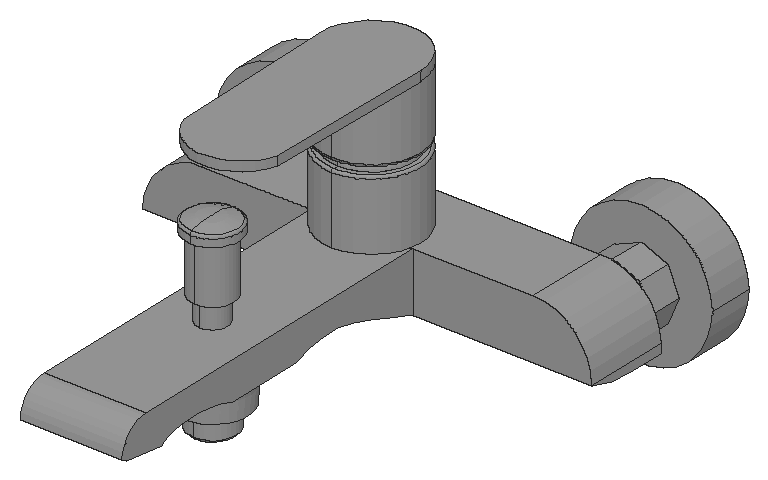
Revit family "TINA URBAN ANTIQUE BRONZE", category Plumbing Fixtures, Revit 2019
Family settings
  Round Connector Dimension = Use Diameter
  Part Type = Normal
  OmniClass Number = 23.45.00.00
  OmniClass Title = Sanitary, Laundry, and Cleaning Equipment
  Work Plane-Based = No
  Always vertical = Yes
  Cut with Voids When Loaded = No
  Shared = No
  Room Calculation Point = No
Reference planes
  plane 1 "Center (Front/Back)": y = 0
  plane 2: z = 0
  plane 3 "Center (Left/Right)": x = 0
Forms (mm)
  Extrusion 1, solid
    sketch origin (0, 0, 0) x (1, 0, 0) y (0, 0, 1)
      loop
        circle (0, 0) r 30
      loop
        circle (150, 0) r 30
    from 0 to 19
  Extrusion 2, solid
    sketch origin (0, 0, 0) x (1, 0, 0) y (0, 0, 1)
      loop
        line (11.314, 11.314) -> (0, 16) -> (-11.314, 11.314) -> (-16, 0) -> (-11.314, -11.314) -> (0, -16) -> (11.314, -11.314) -> (16, 0) -> (11.314, 11.314)
      loop
        line (150, 16) -> (138.686, 11.314) -> (134, 0) -> (138.686, -11.314) -> (150, -16) -> (161.314, -11.314) -> (166, 0) -> (161.314, 11.314) -> (150, 16)
    from 19 to 34
  Extrusion 3, solid
    sketch origin (0, 0, 0) x (1, 0, 0) y (0, 0, 1)
      loop
        line (-20, -9) -> (-20, -13) -> (170, -13) -> (170, -9)
        arc (170, -9) -> (162.678, 8.678) -> (145, 16) r 25
        line (145, 16) -> (5, 16)
        arc (5, 16) -> (-12.678, 8.678) -> (-20, -9) r 25
    from 34 to 70
  Extrusion 4, solid
    sketch origin (0, 0, 0) x (0, 1, 0) y (0, 0, 1)
      loop
        line (-70, 16) -> (-210.81, 16)
        arc (-210.81, 16) -> (-219.744, 12.514) -> (-223.955, 3.898) r 13.19
        line (-223.955, 3.898) -> (-221.709, 2.601) -> (-202.989, 0)
        spline (-202.989, 0) -> (-202.132, 0.631) -> (-200.745, 1.322) -> (-198.863, 2.022) -> (-196.522, 2.678) -> (-193.756, 3.237) -> (-190.603, 3.646) -> (-187.096, 3.853) -> (-183.271, 3.804) -> (-179.165, 3.447) -> (-174.812, 2.729) -> (-170.248, 1.598) -> (-165.508, 0)
        line (-165.508, 0) -> (-132, 0)
        spline (-132, 0) -> (-127.79, 1.632) -> (-123.564, 2.837) -> (-119.286, 3.595) -> (-114.922, 3.887) -> (-110.436, 3.693) -> (-105.793, 2.996) -> (-100.925, 1.82) -> (-95.743, 0.23) -> (-90.152, -1.712) -> (-84.059, -3.941) -> (-77.373, -6.391) -> (-70, -9)
        line (-70, -9) -> (-70, 16)
    from 51.264 to 94.301
  Revolve 5, solid
    sketch origin (72.511, 0, 0) x (0, 1, 0) y (0, 0, 1)
      loop
        line (-148.754, 0) -> (-165.508, 0)
        arc (-165.508, 0) -> (-164.194, -7.449) -> (-163.754, -15) r 65.01
        line (-163.754, -15) -> (-158.754, -15) -> (-158.754, -24) -> (-157.754, -25) -> (-148.754, -25) -> (-148.754, 0)
      axis (-148.754, -25) -> (-148.754, 0)
    angle from 0 to 360
  Revolve 6, solid
    sketch origin (72.316, 0, 0) x (0, 1, 0) y (0, 0, 1)
      loop
        line (-148.754, 16) -> (-148.754, 56)
        arc (-148.754, 56) -> (-154.149, 55.616) -> (-159.398, 54.308) r 31.273
        arc (-159.398, 54.308) -> (-160.018, 53.845) -> (-160.254, 53.109) r 1.268
        line (-160.254, 53.109) -> (-160.254, 50) -> (-157.754, 50) -> (-157.754, 26) -> (-155.254, 26) -> (-155.254, 16) -> (-148.754, 16)
      axis (-148.754, 16) -> (-148.754, 56)
    angle from 0 to 360
  Revolve 7, solid
    sketch origin (72.511, 5, 0) x (0, 1, 0) y (0, 0, 1)
      loop
        line (-70, 16) -> (-70, 77.122) -> (-91, 77.122) -> (-91, 49.998)
        arc (-91, 49.998) -> (-90.708, 49.292) -> (-90.002, 49) r 0.998
        line (-90.002, 49) -> (-85.735, 49)
        arc (-85.735, 49) -> (-87.216, 47.522) -> (-87.756, 45.5) r 4.029
        line (-87.756, 45.5) -> (-89.991, 45.5)
        arc (-89.991, 45.5) -> (-90.704, 45.204) -> (-91, 44.491) r 1.009
        line (-91, 44.491) -> (-91, 16) -> (-70, 16)
      axis (-70, 16) -> (-70, 77.122)
    angle from 0 to 360
  Extrusion 8, solid
    sketch origin (0, 0, 0) x (1, 0, 0) y (0, 1, 0)
      loop
        line (51.511, -65) -> (52.803, -139.002)
        arc (52.803, -139.002) -> (72.511, -154) -> (92.22, -139.002) r 20.448
        line (92.22, -139.002) -> (93.511, -65)
        arc (93.511, -65) -> (72.511, -44) -> (51.511, -65) r 21
    from 77.122 to 81.081
  Extrusion 9, void
    sketch origin (0, 0, 0) x (0, 1, 0) y (0, 0, 1)
      loop
        line (-70, -9) -> (-70, -13) -> (-49.422, -13)
        arc (-49.422, -13) -> (-59.891, -11.929) -> (-70, -9) r 58.532
    from -20 to 170
Cuts and joins
  Extrusion 9 cuts Extrusion 3
Dimensions and locks
  aligned and locked: level to plane 2
